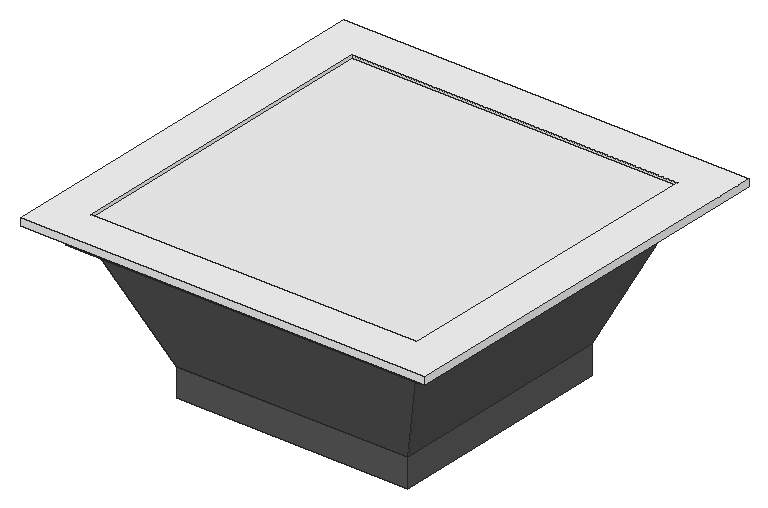
Revit family "3033706 Feilo Sylvania Lighting Fixture INSAVER205 HO TOPPER LED SQ 21W WW", category Lighting Fixtures, host Face, Revit 2017
Family settings
  Host = Face
  Round Connector Dimension = Use Diameter
  Part Type = Normal
  OmniClass Number = 23.80.70.00
  OmniClass Title = Lighting
  Cut with Voids When Loaded = No
  Light Source = Yes
  Shared = No
  Room Calculation Point = No
Parameters (values of type "3033706 INSAVER205 HO TOPPER LED SQ 21W WW")
  Width_FEILO = 225 mm
  WidthCutOut_FEILO = 205 mm
  Weight = "8.4 kg"
  Wattage Comments = ""
  Wattage = 21 W
  WarrantyStartDate [instance] = "n/a"
  WarrantyGuarantorParts = "n/a"
  WarrantyDurationUnit = "n/a"
  WarrantyDurationParts = "n/a"
  WarrantyDescription = "n/a"
  built-in parameter 1150110 = 1 (stored number, unit not read)
  Voltage = 230 V
  URL = "http://www.sylvania-lighting.com"
  TypeName = "INSAVER205 HO TOPPER LED SQ 21W WW"
  Type Image = <None>
  Type Comments = "n/a"
  built-in parameter 1114217 = 1 (stored number, unit not read)
  Tilt Angle = -90.00°
  built-in parameter 1150109 = 1 (stored number, unit not read)
  built-in parameter 1150134 = (empty or 0)
  built-in parameter 1150113 = 1 (stored number, unit not read)
  SerialNumber [instance] = "n/a"
  Photometric Web File = "3033706.ies"
  Offset3_FEILO = Width_FEILO / 8.5  # 26.471 mm
  Offset2_FEILO = Width_FEILO / 28.3333  # 7.941 mm
  Offset1_FEILO = Width_FEILO / 56.6667  # 3.971 mm
  Material_3_FEILO = Diffuser-Sylvania-InsaverHoTopperSquare
  PowerFactor = 0
  PowerConsumption = "21 W"
  NominalLength = 205 mm
  NominalHeight = 90 mm
  NominalDepth = 205 mm
  Name = "INSAVER205 HO TOPPER LED SQ 21W WW"
  ModelReference = Name  # "INSAVER205 HO TOPPER LED SQ 21W WW"
  ModelNumber = "3033706"
  Model = Name  # "INSAVER205 HO TOPPER LED SQ 21W WW"
  Material = "polycarbonate diffuser"
  ManufacturerName = "Feilo Sylvania"
  Manufacturer = "Feilo Sylvania"
  LuminousEfficacy = "81 lm/W"
  built-in parameter 1150105 = 782.66 (stored number, unit not read)
  Lumens = 1701 lm
  LuminaireType = ""
  built-in parameter 1150115 = 1 (stored number, unit not read)
  LightOutputRatio = "n/a"
  built-in parameter 1150137 = (empty or 0)
  built-in parameter 1150139 = (empty or 0)
  LampsType = Lamp  # "LED"
  LampNominalLuminous = "1710 lm"
  LampMacAdamStep = "n/a"
  LampColourTemperature = "3000 K"
  LampColourRenderingIndex = "0"
  built-in parameter 1150112 = 1 (stored number, unit not read)
  built-in parameter 1150114 = 1 (stored number, unit not read)
  Lamp = "LED"
  Keynote = "16500"
  InstallationDate [instance] = "n/a"
  InputVoltage = "220-240V~"
  InputNominalFrequency = "n/a"
  built-in parameter 1150132 = (empty or 0)
  built-in parameter 1150102 = (empty or 0)
  built-in parameter 1150107 = 3000 (stored number, unit not read)
  built-in parameter 1150138 = (empty or 0)
  IngressProtection = "IP44"
  ImpactProtectionIndex = "IK02"
  built-in parameter 1150106 = 7.8266 (stored number, unit not read)
  IfcExportType = "IfcLightFixtureType"
  IfcExportAs = "IfcLightFixtureType"
  HieghtCutOut_FEILO = HeightRecessed_FEILO / 0.8  # 112.5 mm
  HieghtBezel_FEILO = 4 mm
  HeightRecessed_FEILO = 90 mm
  HeightMiddle_FEILO = HeightRecessed_FEILO / 8.5  # 10.588 mm
  HeightBlend_FEILO = HeightRecessed_FEILO / 1.4167  # 63.529 mm
  ExpectedLife = 50000
  Emit from Rectangle Width = WidthCutOut_FEILO - 2 * (Offset1_FEILO + Offset2_FEILO)  # 181.176 mm
  Emit from Rectangle Length = WidthCutOut_FEILO - 2 * (Offset1_FEILO + Offset2_FEILO)  # 181.176 mm
  Emit Shape Visible in Rendering = no
  ElectricShockClassification = "n/a"
  built-in parameter 1150104 = 7.5251 (stored number, unit not read)
  DurationUnit = "hours"
  DocumentationLiterature = "http://www.sylvania-lighting.com/product/en-int/products/3033706"
  DimmingControlOptions = "n/a"
  Material_2_FEILO = Body-Sylvania-InsaverHoTopperSquare-Black
  Dimming Lamp Color Temperature Shift = <None>
  Description = ""
  Default Elevation = 1219.2 mm
  CreatedOn = "2/20/2018"
  CreatedBy = ""
  Cost = 0
  Color Filter = 16777215
  built-in parameter 1114216 [instance] = (empty or 0)
  ClassificationValue = "EF_70_80"
  ClassificationName = "Uniclass2015"
  Material_1_FEILO = Bezel-Sylvania-InsaverHoTopperSquare-White
  BarCode [instance] = "n/a"
  built-in parameter 1114218 = 1 (stored number, unit not read)
  built-in parameter 1150133 = 10 (stored number, unit not read)
  AssetType = "Fixed"
  AssetIdentifier [instance] = "n/a"
  Assembly Code = "D5020200"
  Apparent Load = 21 VA
  Material_4_FEILO = none
Reference planes
  plane 1 "Center (Front/Back)": y = 0
  plane 2: z = 0
  plane 3 "Center (Left/Right)": x = 0
  plane 4: x = 102.5
  plane 5: x = -102.5
  plane 6: x = -112.5
  plane 7: x = 112.5
  plane 8: x = -98.529
  plane 9: x = 98.529
  plane 10: z = -112.5
  plane 11: z = 4
  plane 12: z = -10.588
  plane 13: z = -90
  plane 14: y = 112.5
  plane 15: y = -112.5
  plane 16: y = 102.5
  plane 17: y = -102.5
  plane 18: y = 98.529
  plane 19: y = -98.529
  plane 20: z = 2.5
  plane 21: x = -90.588
  plane 22: y = 90.588
  plane 23: x = 90.588
  plane 24: y = -90.588
  plane 25: x = -64.118
  plane 26: y = 64.118
  plane 27: x = 64.118
  plane 28: y = -64.118
  plane 29: z = -74.117
Forms (mm)
  Extrusion 1, void
    sketch origin (0, 0, 0) x (1, 0, 0) y (0, 1, 0)
      loop
        line (-102.5, 102.5) -> (-102.5, -102.5) -> (102.5, -102.5) -> (102.5, 102.5) -> (-102.5, 102.5)
    from 0 to -112.5
  Extrusion 2, solid, material "Bezel-Sylvania-InsaverHoTopperSquare-White" <- "Material_1_FEILO"
    sketch origin (0, 0, 0) x (1, 0, 0) y (0, 1, 0)
      loop
        line (-112.5, 112.5) -> (-112.5, -112.5) -> (112.5, -112.5) -> (112.5, 112.5) -> (-112.5, 112.5)
      loop
        line (-90.588, 90.588) -> (-90.588, -90.588) -> (90.588, -90.588) -> (90.588, 90.588) -> (-90.588, 90.588)
    from 0 to 4
  Extrusion 3, solid, material "Diffuser-Sylvania-InsaverHoTopperSquare" <- "Material_3_FEILO"
    sketch origin (0, 0, 0) x (1, 0, 0) y (0, 1, 0)
      loop
        line (-90.588, 90.588) -> (-90.588, -90.588) -> (90.588, -90.588) -> (90.588, 90.588) -> (-90.588, 90.588)
    from 0 to 2.5
  Extrusion 4, solid, material "Bezel-Sylvania-InsaverHoTopperSquare-White" <- "Material_1_FEILO"
    sketch origin (0, 0, 0) x (1, 0, 0) y (0, 1, 0)
      loop
        line (-98.529, 98.529) -> (-98.529, -98.529) -> (98.529, -98.529) -> (98.529, 98.529) -> (-98.529, 98.529)
    from 0 to -10.588
  Blend 5, solid, material "Body-Sylvania-InsaverHoTopperSquare-Black" <- "Material_2_FEILO"
    base sketch origin (1223.4, -4572, -10.588) x (0, -1, 0) y (1, 0, 0)
      loop
        line (-4662.588, -1313.988) -> (-4481.412, -1313.988) -> (-4481.412, -1132.812) -> (-4662.588, -1132.812) -> (-4662.588, -1313.988)
    top sketch origin (1223.4, -4572, -10.588) x (0, -1, 0) y (1, 0, 0)
      loop
        line (-4636.118, -1287.518) -> (-4507.882, -1287.518) -> (-4507.882, -1159.282) -> (-4636.118, -1159.282) -> (-4636.118, -1287.518)
    from 0 to -63.529
  Extrusion 6, solid, material "Body-Sylvania-InsaverHoTopperSquare-Black" <- "Material_2_FEILO"
    sketch origin (1223.4, -4572, -74.117) x (0, -1, 0) y (-1, 0, 0)
      loop
        line (-4636.118, 1287.518) -> (-4636.118, 1159.282) -> (-4507.882, 1159.282) -> (-4507.882, 1287.518) -> (-4636.118, 1287.518)
    from 15.883 to 0
Dimensions and locks
  "HieghtCutOut_FEILO": plane 2 to plane 10
  "HieghtBezel_FEILO": plane 11 to plane 2
  "HeightMiddle_FEILO": plane 2 to plane 12
  "HeightRecessed_FEILO": plane 2 to plane 13
  equal spacing: plane 19, plane 1 "Center (Front/Back)", plane 18
  equal spacing: plane 17, plane 1 "Center (Front/Back)", plane 16
  equal spacing: plane 15, plane 1 "Center (Front/Back)", plane 14
  "Width_FEILO": plane 15 to plane 14
  "WidthCutOut_FEILO": plane 17 to plane 16
  "Offset1_FEILO": plane 18 to plane 16
  equal spacing: plane 6, plane 3 "Center (Left/Right)", plane 7
  "Width_FEILO": plane 6 to plane 7
  equal spacing: plane 5, plane 3 "Center (Left/Right)", plane 4
  "WidthCutOut_FEILO": plane 5 to plane 4
  equal spacing: plane 8, plane 3 "Center (Left/Right)", plane 9
  "Offset1_FEILO": plane 5 to plane 8
  locked: plane 11 to plane 20 at 1.5
  equal spacing: plane 21, plane 3 "Center (Left/Right)", plane 23
  equal spacing: plane 24, plane 1 "Center (Front/Back)", plane 22
  "Offset2_FEILO": plane 22 to plane 18
  "Offset2_FEILO": plane 8 to plane 21
  equal spacing: plane 25, plane 3 "Center (Left/Right)", plane 27
  equal spacing: plane 28, plane 1 "Center (Front/Back)", plane 26
  "Offset3_FEILO": plane 26 to plane 22
  "Offset3_FEILO": plane 21 to plane 25
  "HeightBlend_FEILO": plane 12 to plane 29
  aligned and locked: plane 2 to host face
  aligned and locked: level to host face
  aligned and locked: plane 16 to Extrusion 1 sketch curve
  aligned and locked: plane 5 to Extrusion 1 sketch curve
  aligned and locked: Extrusion 1 sketch curve to plane 17
  aligned and locked: Extrusion 1 sketch curve to plane 4
  aligned and locked: level to Extrusion 1
  aligned and locked: plane 10 to Extrusion 1
  aligned and locked: plane 14 to Extrusion 2 sketch curve
  aligned and locked: plane 6 to Extrusion 2 sketch curve
  aligned and locked: Extrusion 2 sketch curve to plane 15
  aligned and locked: Extrusion 2 sketch curve to plane 7
  aligned and locked: plane 22 to Extrusion 2 sketch curve
  aligned and locked: plane 21 to Extrusion 2 sketch curve
  aligned and locked: Extrusion 2 sketch curve to plane 24
  aligned and locked: Extrusion 2 sketch curve to plane 23
  aligned and locked: Extrusion 2 to plane 11
  aligned and locked: Extrusion 2 to level
  aligned and locked: Extrusion 3 sketch curve to Extrusion 2  (x4)
  aligned and locked: Extrusion 3 to plane 20
  aligned and locked: Extrusion 3 to level
  aligned and locked: plane 18 to Extrusion 4 sketch curve
  aligned and locked: plane 8 to Extrusion 4 sketch curve
  aligned and locked: Extrusion 4 sketch curve to plane 19
  aligned and locked: Extrusion 4 sketch curve to plane 9
  aligned and locked: plane 12 to Extrusion 4
  aligned and locked: level to Extrusion 4
  aligned and locked: Blend 5 sketch curve to Extrusion 2  (x4)
  aligned and locked: Blend 5 sketch curve to plane 26
  aligned and locked: Blend 5 sketch curve to plane 25
  aligned and locked: plane 28 to Blend 5 sketch curve
  aligned and locked: plane 27 to Blend 5 sketch curve
  aligned and locked: plane 12 to Blend 5
  aligned and locked: plane 29 to Blend 5
  aligned and locked: Extrusion 6 sketch curve to Blend 5  (x4)
  aligned and locked: plane 13 to Extrusion 6
  aligned and locked: Extrusion 6 to plane 29
  aligned and locked: plane 3 "Center (Left/Right)" to imposter light
  aligned and locked: imposter light to plane 1 "Center (Front/Back)"
  aligned and locked: imposter light to plane 20
Automatic sketch dimensions
  host sketch curve to host sketch curve = 2438.4 mm  (x2)
Connectors
  electrical at (0, 0, 0), driven by "Apparent Load", driven by "PowerFactor", driven by "Voltage"
    settings: index 1, voltage 230 V, apparent load 21 VA, apparent load phase1 0 VA, apparent load phase2 0 VA, apparent load phase3 0 VA, power factor 0, load classification "Lighting", number of poles 1, system type 30, power factor state 1, is connector primary yes, connector utility no, sub classification motor no, connector description ""
